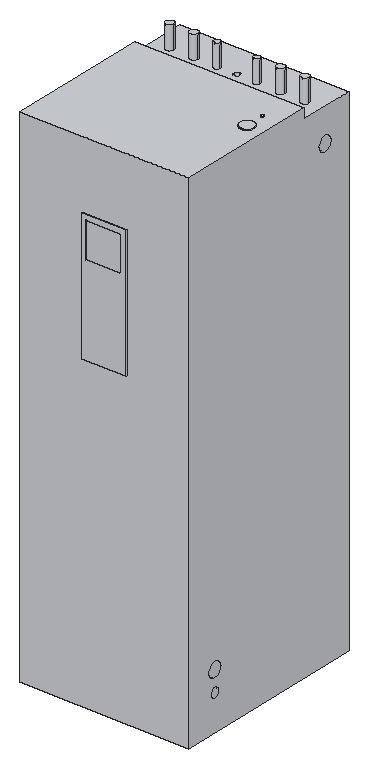
Revit family "EU_EHS_Mono_Tank_Hyd_Unit_200L,260L_Ver._1.0", category Mechanical Equipment, Revit 2016
Family settings
  Part Type = Normal
  Round Connector Dimension = Use Diameter
  OmniClass Number = 23.75.00.00
  OmniClass Title = Climate Control (HVAC)
  Work Plane-Based = No
  Always vertical = Yes
  Cut with Voids When Loaded = No
  Shared = No
  Room Calculation Point = No
Parameters (values of type "5.00 kW, 220-240V, HEAT PUMP, Mono")
  WaterOutlet Connection Radius [instance] = WaterOutlet Connection Diameter / 2  # 14.00 mm
  WaterOutlet Connection Left [instance] = 143.657 mm
  WaterOutlet Connection Diameter [instance] = 28.00 mm
  WaterOutlet Connection Bottom [instance] = 115.82 mm
  Water Inlet Connection Radius [instance] = Water Inlet Connection Diameter / 2  # 14.00 mm
  Water Inlet Connection Left [instance] = 58.978 mm
  Water Inlet Connection Diameter [instance] = 28.00 mm
  Water Inlet Connection Bottom [instance] = 116.10 mm
  Voltage [instance] = "220-240 V"
  URL = "www.samsung.com"
  Total Heating Capacity [instance] = 5.00 kW
  Total Cooling Capacity [instance] = 5.00 kW
  System Served [instance] = "-"
  Supply Air Connection Width [instance] = 0.00 mm
  Supply Air Connection Offset Bottom [instance] = 0.00 mm
  Supply Air Connection Height [instance] = 0.00 mm
  Subscribe for Update Alerts [instance] = "-"
  Sound Pressure Middle [instance] = "0.00 dB(A)"
  Sound Pressure Low [instance] = "0.00 dB(A)"
  Sound Pressure High [instance] = "26.00 dB(A)"
  Sound Power Cooling [instance] = "40.00 dB(A)"
  Serial Number [instance] = "-"
  Sensible Cooling Capacity [instance] = 0.00 kW
  Sales Rep Locator [instance] = "-"
  Return Air Connection Width [instance] = 0.00 mm
  Return Air Connection Offset Bottom [instance] = 0.00 mm
  Return Air Connection Height [instance] = 0.00 mm
  Refrigerant Typ [instance] = "R32"
  Product Page URL [instance] = "-"
  Product Documentation Link [instance] = "-"
  Power Supply [instance] = "50.00 Hz"
  Power Input Heating [instance] = 1.30 W
  Power Input Cooling [instance] = 4.80 W
  Power Connection Offset Left [instance] = 0.00 mm
  Power Connection Offset Bottom [instance] = 0.00 mm
  Phase [instance] = "1"
  Panel Net Dimensions Width [instance] = 0.00 mm
  Panel Net Dimensions Height [instance] = 0.00 mm
  Panel Net Dimensions Depth [instance] = 0.00 mm
  Panel  Net Weight [instance] = "0.00 kg"
  Number of poles [instance] = "-"
  Notes [instance] = "-"
  Net Dimensions Width [instance] = 595.00 mm
  Net Dimensions Height [instance] = 1800.00 mm
  Net Dimensions Depth [instance] = 700.00 mm
  Net  Weight [instance] = "122.00 kg"
  Motor Ouput = 0.00 W
  Model/TANK [instance] = "AE200RNWMEG"
  Model = "AE050RXYDEG/EU"
  Maximum Rated Over Protection Device [instance] = "Fuse"
  Manufacturer Metadata [instance] = "-"
  Manufacturer = "SAMSUNG"
  Location [instance] = "-"
  Liquid pipe connection Radius [instance] = 0.00 mm
  Liquid pipe connection Left [instance] = 0.00 mm
  Liquid pipe connection Diameter [instance] = 6.35 mm
  Liquid pipe connection Bottom [instance] = 0.00 mm
  Keynote = ""
  Heating Leaving Dry Bulb Temperature [instance] = 0 °C
  Heating Entering Dry Bulb Temperature [instance] = 7 °C
  Gas pipe connection Radius [instance] = 0.00 mm
  Gas pipe connection Left [instance] = 0.00 mm
  Gas pipe connection Diameter [instance] = 12.70 mm
  Gas pipe connection Bottom [instance] = 0.00 mm
  Free Content Downloads [instance] = "-"
  Family Load Status [instance] = "Valid - Type loaded via type catalog"
  External Static Pressure [instance] = "0.00 mmaq"
  Equipment Finish [instance] = Molded case
  Drain hose connection Radius [instance] = 0.00 mm
  Drain hose connection Left [instance] = 0.00 mm
  Drain hose connection Diameter [instance] = 50.00 mm
  Drain hose connection Bottom [instance] = 0.00 mm
  Design Heating Air Flow Minimum [instance] = "0.00 CMM"
  Design Heating Air Flow Maximum [instance] = "0.00 CMM"
  Design Cooling Air Flow Minimum [instance] = "0.00 CMM"
  Design Cooling Air Flow Maximum [instance] = "0.00 CMM"
  Design Ambient Winter Wet Bulb Temperature [instance] = 6 °C
  Design Ambient Winter Dry Bulb Temperature [instance] = 7 °C
  Design Ambient Summer Dry Bulb Temperature [instance] = 35 °C
  Description = "-"
  Decoration Panel Finish [instance] = White
  Current Input Heating [instance] = 0 A
  Current Input Cooling [instance] = 0 A
  Cooling Leaving Wet Bulb Temperature [instance] = 0 °C
  Cooling Leaving Dry Bulb Temperature [instance] = 0 °C
  Cooling Entering Wet Bulb Temperature [instance] = 24 °C
  Cooling Entering Dry Bulb Temperature [instance] = 35 °C
  Conduit for power supply & communication wiring [instance] = "0.00 mm"
  Condensate Drain Connection Radius [instance] = Condensate Drain Connection Diameter / 2  # 11.00 mm
  Condensate Drain Connection Offset left [instance] = 297.50 mm
  Condensate Drain Connection Offset Bottom [instance] = 117.443 mm
  Condensate Drain Connection Diameter [instance] = 22.00 mm
  Clearance Type [instance] = "Include Clearance\r\nInclude Clearance"
  Clearance Offset Top [instance] = 0.00 mm
  Clearance Offset Right [instance] = 0.00 mm
  Clearance Offset Left [instance] = 0.00 mm
  Clearance Offset Front [instance] = 0.00 mm
  Clearance Offset Bottom [instance] = 0.00 mm
  Clearance Offset Back [instance] = 0.00 mm
  Actual Ventilation Air Flow [instance] = "0.00 CMM"
  Actual Supply Air Flow [instance] = "0.00 CMM"
  Actual Return Air Flow [instance] = "0.00 CMM"
  Actual Air Flow Imbalance [instance] = "0.00 CMM"
Types (11, lengths in mm): name | Voltage | Total Heating Capacity | Total Cooling Capacity | Sound Pressure High | Sound Power Cooling | Power Input Heating | Power Input Cooling | Phase | Net  Weight | Model/TANK | Model
  (no name) | "220-240 V" | 5.00 kW | 5.00 kW | "26.00 dB(A)" | "40.00 dB(A)" | 1.30 W | 4.80 W | "1" | "122.00 kg" | "AE200RNWMEG" | "AE050RXYDEG/EU"
  5.00 kW, 220-240V, HEAT PUMP, Mono | "220-240 V" | 5.00 kW | 5.00 kW | "26.00 dB(A)" | "40.00 dB(A)" | 1.30 W | 4.80 W | "1" | "122.00 kg" | "AE200RNWMEG" | "AE050RXYDEG/EU"
  8.00 kW, 220-240V, HEAT PUMP, Mono | "220-240 V" | 8.00 kW | 7.50 kW | "26.00 dB(A)" | "40.00 dB(A)" | 2.12 W | 7.40 W | "1" | "122.00 kg" | "AE200RNWMEG" | "AE080RXYDEG/EU"
  12.00 kW, 200L, 220-240V, HEAT PUMP, Mono | "220-240 V" | 12.00 kW | 12.00 kW | "30.00 dB(A)" | "44.00 dB(A)" | 3.18 W | 11.70 W | "1" | "122.00 kg" | "AE200RNWMEG" | "AE120RXYDEG/EU"
  16.00 kW, 200L, 220-240V, HEAT PUMP, Mono | "220-240 V" | 16.00 kW | 14.00 kW | "30.00 dB(A)" | "44.00 dB(A)" | 4.49 W | 15.40 W | "1" | "122.00 kg" | "AE200RNWMEG" | "AE160RXYDEG/EU"
  8.00 kW, 260L, 220-240V, HEAT PUMP, Mono | "220-240 V" | 8.00 kW | 7.50 kW | "26.00 dB(A)" | "40.00 dB(A)" | 2.12 W | 7.40 W | "1" | "132.00 kg" | "AE260RNWMEG" | "AE080RXYDEG/EU"
  12.00 kW, 260L, 220-240V, HEAT PUMP, Mono | "220-240 V" | 12.00 kW | 12.00 kW | "30.00 dB(A)" | "44.00 dB(A)" | 3.18 W | 11.70 W | "1" | "132.00 kg" | "AE260RNWMEG" | "AE120RXYDEG/EU"
  16.00 kW, 260L, 220-240V, HEAT PUMP, Mono | "220-240 V" | 16.00 kW | 14.00 kW | "30.00 dB(A)" | "44.00 dB(A)" | 4.49 W | 15.40 W | "1" | "132.00 kg" | "AE260RNWMEG" | "AE160RXYDEG/EU"
  8.00 kW, 260L, 380-415V, HEAT PUMP, Mono | "380~415 V" | 8.00 kW | 7.50 kW | "26.00 dB(A)" | "40.00 dB(A)" | 2.12 W | 7.40 W | "3" | "132.00 kg" | "AE260RNWMGG" | "AE090RXYDGG/EU"
  12.00 kW, 260L, 380-415V, HEAT PUMP, Mono | "380~415 V" | 12.00 kW | 12.00 kW | "30.00 dB(A)" | "44.00 dB(A)" | 3.18 W | 11.70 W | "3" | "132.00 kg" | "AE260RNWMGG" | "AE120RXYDGG/EU"
  16.00 kW, 260L, 380-415V, HEAT PUMP, Mono | "380~415 V" | 16.00 kW | 14.00 kW | "30.00 dB(A)" | "44.00 dB(A)" | 4.49 W | 15.40 W | "3" | "132.00 kg" | "AE260RNWMGG" | "AE160RXYDGG/EU"
Reference planes
  plane 1 "Center (Front/Back)": y = 0
  plane 2: z = 0
  plane 3 "Center (Left/Right)": x = 0
  plane 4: y = 350
  plane 5: y = -350
  plane 6: x = -297.5
  plane 7: x = 297.5
  plane 8: z = 1800
  plane 9: y = 153.369
  plane 10: y = 232.557
  plane 11: x = 237.5
  plane 12: y = 45.369
  plane 13: y = -21.631
  plane 14: x = -238.522
  plane 15: x = -153.843
  plane 16: x = -70.497
  plane 17: x = 69.501
  plane 18: x = 153.843
  plane 19: x = 238.523
  plane 20: z = 1844
  plane 21: z = 1765
  plane 22: x = 77.914
  plane 23: x = -77.914
  plane 24: z = 1099.005
  plane 25: z = 1559.852
  plane 26: z = 1544.415
  plane 27: z = 1416.985
  plane 28: x = -62.497
  plane 29: x = 62.501
  plane 30: x = -62.497
  plane 31: x = 62.501
  plane 32: z = 1544.415
  plane 33: z = 1416.985
  plane 34: y = -354.932
  plane 35: y = -355.932
  plane 36: y = 354.3
  plane 37: z = 1801
  plane 38: z = 1646.061
  plane 39: y = 246
  plane 40: z = 1745.061
  plane 41: x = 298.5
  plane 42: z = 200
  plane 43: z = 128
  plane 44: y = -239.342
  plane 45: y = -239.342
  plane 46: y = -316.291
  plane 47: y = 232.557
  plane 48: y = 233.9
  plane 49: y = 234.18
Forms (mm)
  Extrusion 1, solid
    sketch origin (0, 0, 0) x (1, 0, 0) y (0, 1, 0)
      loop
        line (-297.5, 350) -> (-297.5, -350) -> (297.5, -350) -> (297.5, 350) -> (-297.5, 350)
    from 0 to 1800
  Extrusion 2, void
    sketch origin (0, 0, 0) x (0, 1, 0) y (0, 0, 1)
      loop
        line (350, 1800) -> (153.369, 1800) -> (153.369, 1765) -> (350, 1765) -> (350, 1800)
    from -297.5 to 297.5
  Extrusion 3, solid
    sketch origin (0, 0, 0) x (1, 0, 0) y (0, 1, 0)
      loop
        circle (238.523, 232.557) r 14
    from 1765 to 1844
  Extrusion 4, solid
    sketch origin (0, 0, 0) x (1, 0, 0) y (0, 0, 1)
      loop
        line (-77.914, 1559.852) -> (-77.914, 1099.005) -> (77.914, 1099.005) -> (77.914, 1559.852) -> (-77.914, 1559.852)
      loop
        line (-62.497, 1544.415) -> (-62.497, 1416.985) -> (62.501, 1416.985) -> (62.501, 1544.415) -> (-62.497, 1544.415)
    from 355.932 to 350
  Extrusion 5, solid
    sketch origin (0, 0, 0) x (1, 0, 0) y (0, 0, 1)
      loop
        line (-62.497, 1544.415) -> (-62.497, 1416.985) -> (62.501, 1416.985) -> (62.501, 1544.415) -> (-62.497, 1544.415)
    from 354.932 to 350
  Extrusion 6, solid
    sketch origin (0, 0, 0) x (1, 0, 0) y (0, 0, 1)
      loop
        line (275, 1731.071) -> (-275, 1731.073) -> (-275, 49.746) -> (275, 49.746) -> (275, 1731.071)
    from -350 to -354.3
  Extrusion 7, solid
    sketch origin (0, 0, 0) x (1, 0, 0) y (0, 1, 0)
      loop
        circle (238.523, -21.631) r 25
      loop
        circle (238.523, 45.369) r 5
    from 1800 to 1801
  Extrusion 8, solid
    sketch origin (0, 0, 0) x (0, 1, 0) y (0, 0, 1)
      loop
        circle (246, 1646.061) r 25
    from 298.5 to 297.5
  Extrusion 9, solid
    sketch origin (0, 0, 0) x (0, 1, 0) y (0, 0, 1)
      loop
        circle (-239.342, 128) r 15
      loop
        circle (-239.342, 200) r 25
    from 298.5 to 297.5
  Extrusion 10, solid
    sketch origin (-84.68, 0, 0) x (1, 0, 0) y (0, 1, 0)
      loop
        circle (238.523, 232.557) r 14.234
    from 1765 to 1844
  Extrusion 11, solid
    sketch origin (-169.022, 0, 0) x (1, 0, 0) y (0, 1, 0)
      loop
        circle (238.523, 232.557) r 11
    from 1765 to 1844
  Extrusion 12, solid
    sketch origin (-309.02, 0, 0) x (1, 0, 0) y (0, 1, 0)
      loop
        circle (238.523, 232.557) r 11
    from 1765 to 1844
  Extrusion 13, solid
    sketch origin (-392.366, 0, 0) x (1, 0, 0) y (0, 1, 0)
      loop
        circle (238.523, 234.18) r 14
    from 1765 to 1844
  Extrusion 14, solid
    sketch origin (-477.045, 0, 0) x (1, 0, 0) y (0, 1, 0)
      loop
        circle (238.523, 233.9) r 14
    from 1765 to 1844
  Extrusion 15, void
    sketch origin (0, 0, 0) x (1, 0, 0) y (0, 1, 0)
      loop
        circle (0, 232.557) r 11
    from 1745.61 to 1765
Cuts and joins
  Extrusion 2, Extrusion 15 cuts Extrusion 1
Dimensions and locks
  "Net Dimensions Width": plane 6 to plane 7
  equal spacing: plane 6, plane 3 "Center (Left/Right)", plane 7
  "Net Dimensions Depth": plane 5 to plane 4
  equal spacing: plane 4, plane 1 "Center (Front/Back)", plane 5
  "Net Dimensions Height": plane 8 to plane 2
  plane 12 to plane 9 = 108.00 mm
  plane 13 to plane 12 = 67.00 mm
  plane 11 to plane 7 = 60.00 mm
  locked: plane 20 to plane 8 at 44
  locked: plane 8 to plane 21 at 35
  plane 22 to plane 23 = 155.829 mm
  equal spacing: plane 22, plane 3 "Center (Left/Right)", plane 23
  locked: plane 5 to plane 34 at 4.932
  locked: plane 34 to plane 35 at 1
  locked: plane 36 to plane 4 at 4.3
  locked: plane 37 to plane 8 at 1
  locked: plane 40 to plane 21 at 19.939
  plane 38 to plane 40 = 99.00 mm
  plane 4 to plane 39 = 104.00 mm
  locked: plane 7 to plane 41 at 1
  locked: plane 5 to plane 46 at 33.709
  plane 46 to plane 44 = 76.949 mm
  plane 46 to plane 45 = 76.949 mm
  plane 42 to plane 2 = 200.00 mm
  plane 2 to plane 43 = 128.00 mm
  "Water Inlet Connection Left": plane 6 to plane 14
  "WaterOutlet Connection Left": plane 6 to plane 15
  "Condensate Drain Connection Offset left": plane 6 to plane 3 "Center (Left/Right)"
  "Water Inlet Connection Bottom": plane 48 to plane 4
  "WaterOutlet Connection Bottom": plane 49 to plane 4
  "Condensate Drain Connection Offset Bottom": plane 47 to plane 4
  locked: plane 10 to plane 36 at 121.743
  "Drain hose connection Diameter": diameter of Extrusion 8 sketch curve
  diameter of Extrusion 9 sketch curve = 49.999 mm
  diameter of Extrusion 9 sketch curve = 29.999 mm
  "Water Inlet Connection Diameter": diameter of Extrusion 14 sketch curve
  "WaterOutlet Connection Diameter": diameter of Extrusion 13 sketch curve
  "Condensate Drain Connection Diameter": diameter of Extrusion 15 sketch curve
  aligned and locked: level to plane 2
  aligned and locked: plane 5 to Extrusion 1 sketch curve
  aligned and locked: plane 7 to Extrusion 1 sketch curve
  aligned and locked: plane 6 to Extrusion 1 sketch curve
  aligned and locked: plane 4 to Extrusion 1 sketch curve
  aligned and locked: Extrusion 1 to plane 8
  aligned and locked: Extrusion 2 sketch curve to plane 9
  aligned and locked: plane 4 to Extrusion 2 sketch curve
  aligned and locked: Extrusion 2 sketch curve to plane 21
  aligned and locked: plane 8 to Extrusion 2 sketch curve
  aligned and locked: cut or joined group of Extrusion 1, Extrusion 2, Extrusion 15 to plane 7
  aligned and locked: cut or joined group of Extrusion 1, Extrusion 2, Extrusion 15 to plane 6
  aligned and locked: plane 21 to Extrusion 3
  aligned and locked: Extrusion 3 to plane 20
  aligned and locked: plane 10 to Extrusion 3 sketch curve
  aligned and locked: plane 19 to Extrusion 3 sketch curve
  aligned and locked: plane 25 to Extrusion 4 sketch curve
  aligned and locked: plane 23 to Extrusion 4 sketch curve
  aligned and locked: Extrusion 4 sketch curve to plane 24
  aligned and locked: Extrusion 4 sketch curve to plane 22
  aligned and locked: Extrusion 4 sketch curve to plane 26
  aligned and locked: plane 28 to Extrusion 4 sketch curve
  aligned and locked: plane 27 to Extrusion 4 sketch curve
  aligned and locked: Extrusion 4 sketch curve to plane 29
  aligned and locked: Extrusion 5 sketch curve to plane 32
  aligned and locked: plane 30 to Extrusion 5 sketch curve
  aligned and locked: plane 33 to Extrusion 5 sketch curve
  aligned and locked: Extrusion 5 sketch curve to plane 31
  aligned and locked: Extrusion 4 to plane 5
  aligned and locked: Extrusion 5 to plane 5
  aligned and locked: Extrusion 4 to plane 35
  aligned and locked: Extrusion 5 to plane 34
  aligned and locked: plane 4 to Extrusion 6
  aligned and locked: Extrusion 6 to plane 36
  aligned and locked: plane 13 to Extrusion 7 sketch curve
  aligned and locked: plane 12 to Extrusion 7 sketch curve
  aligned and locked: plane 19 to Extrusion 7 sketch curve  (x2)
  aligned and locked: plane 8 to Extrusion 7
  aligned and locked: Extrusion 7 to plane 37
  aligned and locked: plane 38 to Extrusion 8 sketch curve
  aligned and locked: plane 39 to Extrusion 8 sketch curve
  aligned and locked: plane 7 to Extrusion 8
  aligned and locked: Extrusion 8 to plane 41
  aligned and locked: plane 42 to Extrusion 9 sketch curve
  aligned and locked: plane 43 to Extrusion 9 sketch curve
  aligned and locked: plane 44 to Extrusion 9 sketch curve
  aligned and locked: plane 45 to Extrusion 9 sketch curve
  aligned and locked: plane 7 to Extrusion 9
  aligned and locked: Extrusion 9 to plane 41
  aligned and locked: plane 10 to Extrusion 10 sketch curve
  aligned and locked: plane 18 to Extrusion 10 sketch curve
  aligned and locked: plane 10 to Extrusion 11 sketch curve
  aligned and locked: plane 17 to Extrusion 11 sketch curve
  aligned and locked: plane 10 to Extrusion 12 sketch curve
  aligned and locked: plane 16 to Extrusion 12 sketch curve
  aligned and locked: plane 15 to Extrusion 13 sketch curve
  aligned and locked: plane 3 "Center (Left/Right)" to Extrusion 15 sketch curve
  aligned and locked: Extrusion 15 to plane 21
  aligned and locked: Extrusion 15 to import instance
  aligned and locked: plane 47 to Extrusion 15 sketch curve
  aligned and locked: plane 49 to Extrusion 13 sketch curve
  aligned and locked: plane 48 to Extrusion 14 sketch curve
Automatic sketch dimensions
  plane 6 to Extrusion 6 sketch curve = 22.50 mm
  plane 7 to Extrusion 6 sketch curve = 22.50 mm
  level to Extrusion 6 sketch curve = 49.746 mm
  plane 40 to Extrusion 6 sketch curve = 13.99 mm
  plane 40 to Extrusion 6 sketch curve = 13.988 mm
  Extrusion 14 sketch curve to plane 14 = 0.00 mm
  radius of Extrusion 7 sketch curve = 25.00 mm
  radius of Extrusion 7 sketch curve = 5.00 mm
  radius of Extrusion 3 sketch curve = 14.00 mm
  radius of Extrusion 11 sketch curve = 11.00 mm
  radius of Extrusion 12 sketch curve = 11.00 mm
  radius of Extrusion 10 sketch curve = 14.234 mm
Connectors
  piping at (-238.522, 233.9, 1844), diameter 609.6
    settings: on Extrusion 14, index 1, connector inside diameter 609.6 mm, connector length 0.00 mm, flow factor 0, pipe flow 0.0 L/s, pressure drop 0.0 Pa, fitting loss kfactor 0, connector angle 0.00°, fixture units 0, engagement length 0.00 mm, angle of deflection 0.00°, flow configuration 0, flow direction 0, fitting loss method 0, system type 7, joint type 0, gender type 0, connector reference index -1, connector utility 0, adjustable connector no, is connector primary yes, connector description ""
  piping at (-153.843, 234.18, 1844), diameter 609.6
    settings: on Extrusion 13, index 2, connector inside diameter 609.6 mm, connector length 0.00 mm, flow factor 0, pipe flow 0.0 L/s, pressure drop 0.0 Pa, fitting loss kfactor 0, connector angle 0.00°, fixture units 0, engagement length 0.00 mm, angle of deflection 0.00°, flow configuration 0, flow direction 0, fitting loss method 0, system type 7, joint type 0, gender type 0, connector reference index -1, connector utility 0, adjustable connector no, is connector primary no, connector description ""
